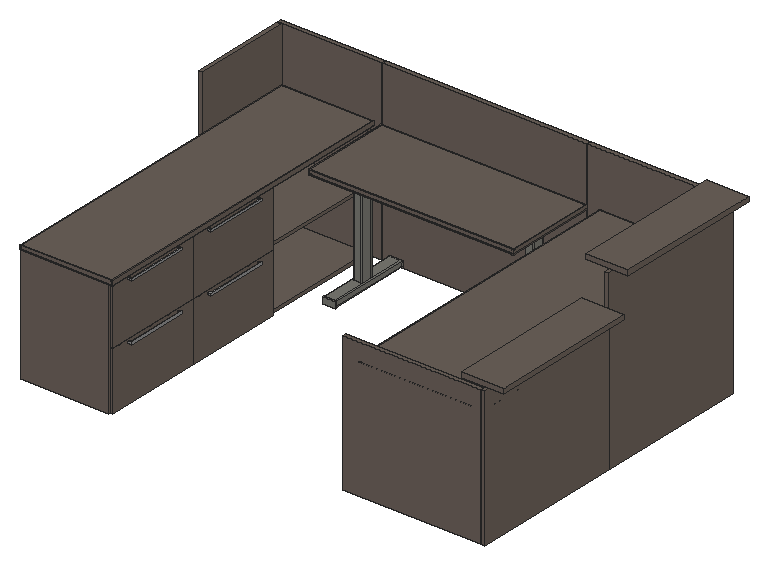
Revit family "OFS TYPICAL T200036", category Furniture, Revit 2022 (continued)
Definition of nested family "STAKS WORKSURFACE HEIGHT OPEN SHELF PEDESTAL - NO RISER SUPPORT"
  Types (6): name | Model | Drawer Handle Width | Description | Width | Depth
    STAKS WORKSURFACE HEIGHT OPEN SHELF PEDESTAL - NO RISER SUPPORT 30 x 19 | "6-NW3019MPD6" | 0' - 5 1/4" | "OFS STAKS WORKSURFACE HEIGHT OPEN SHELF PEDESTAL - NO RISER SUPPORT 30\"W x 19\" D, Sliding Door, One Adjustable Shelf, One Stationary Shelf, Use with 22\"D Worksurfaces" | 2' - 6" | 1' - 7 3/8"
    STAKS WORKSURFACE HEIGHT OPEN SHELF PEDESTAL - NO RISER SUPPORT 30 x 22 | "6-NW3022MPD6" | 0' - 5 1/4" | "OFS STAKS WORKSURFACE HEIGHT OPEN SHELF PEDESTAL - NO RISER SUPPORT 30\"W x 22\" D, Sliding Door, One Adjustable Shelf, One Stationary Shelf, Use with 22\"D Worksurfaces" | 2' - 6" | 1' - 9 7/8"
    STAKS WORKSURFACE HEIGHT OPEN SHELF PEDESTAL - NO RISER SUPPORT 36 x 22 | "6-NW3622MPD6" | 0' - 5 1/4" | "OFS STAKS WORKSURFACE HEIGHT OPEN SHELF PEDESTAL - NO RISER SUPPORT 36\"W x 22\" D, Sliding Door, One Adjustable Shelf, One Stationary Shelf, Use with 22\"D Worksurfaces" | 3' - 0" | 1' - 9 7/8"
    STAKS WORKSURFACE HEIGHT OPEN SHELF PEDESTAL - NO RISER SUPPORT 36 x 19 | "6-NW2419MPD6" | 0' - 5 1/4" | "OFS STAKS WORKSURFACE HEIGHT OPEN SHELF PEDESTAL - NO RISER SUPPORT 36\"W x 19\" D, Sliding Door, One Adjustable Shelf, One Stationary Shelf, Use with 22\"D Worksurfaces" | 3' - 0" | 1' - 7 3/8"
  Reference planes (in)
    plane 1: z = 0
    plane 2 "Right": x = 20.97711
    plane 3: z = 27.875
    plane 4: z = 15.375
    plane 5: z = 15.25
    plane 6: z = 0
    plane 7: z = 15
    plane 8: z = 27.625
    plane 9: z = 14.531
    plane 10: z = 27.15625
    plane 11: x = 8.97711
    plane 12: y = 1.37535
    plane 13: y = 0.62535
    plane 14: x = 9.03961
    plane 15: x = 32.91411
    plane 16: x = 9.72711
    plane 17: y = 20.00035
    plane 18: x = 32.97711
    plane 19: x = 32.22711
    plane 20: y = -0.18715
    plane 21: y = -0.37465
    plane 22: z = 21.875
    plane 23: z = 21.75
    plane 24: z = 21.5
    plane 25: z = 21.031
    plane 26: z = 0.25
    plane 27: y = 19.25035
    plane 28: z = 0.75
    plane 29: y = 16.75035
    plane 30: y = 4.37535
    plane 31: y = 8.37535
    plane 32: y = 12.75035
    plane 33: y = 5.00035
    plane 34: y = 13.37535
    plane 35: z = 28
    plane 36: z = 22.25
    plane 37: x = 21.35211
    plane 38: x = 20.60211
    plane 39: x = 21.00836
    plane 40: x = 20.94586
    plane 41: x = 14.99274
    plane 42: x = 17.61749
    plane 43: x = 12.36799
    plane 44: x = 12.74299
    plane 45: x = 17.24249
    plane 46: x = 26.96124
    plane 47: x = 24.33649
    plane 48: x = 29.58599
    plane 49: x = 29.21099
    plane 50: x = 24.71149
  Forms (in)
    Extrusion 1, solid, material <- "Chasis Material"
      sketch origin (-3, -1.24965, 0) x (1, 0, 0) y (0, 0, 1)
        loop
          line (11.97711, 0) -> (12.72711, 0) -> (12.72711, 27.875) -> (11.97711, 27.875) -> (11.97711, 0)
      from -21.25 to -2.625
    Extrusion 2, solid, material <- "Chasis Material"
      sketch origin (19.35211, 31.02324, 0) x (0, 1, 0) y (0, 0, 1)
        loop
          line (-11.77289, 0) -> (-11.02289, 0) -> (-11.02289, 27.875) -> (-11.77289, 27.875) -> (-11.77289, 0)
      from -9.625 to 12.875
    Extrusion 3, solid, material <- "Chasis Material"
      sketch origin (0, 0, 0) x (1, 0, 0) y (0, 1, 0)
        loop
          line (32.97711, 20.00035) -> (32.22711, 20.00035) -> (32.22711, 1.37535) -> (32.97711, 1.37535) -> (32.97711, 20.00035)
      from 0 to 27.875
    Extrusion 4, solid, material <- "Chasis Material"
      sketch origin (-29.79592, -1.62465, 7.24693) x (1, 0, 0) y (0, 0, 1)
        loop
          line (39.52304, 19.90932) -> (62.02304, 19.90932) -> (62.02304, 20.62807) -> (39.52304, 20.62807) -> (39.52304, 19.90932)
      from -20.875 to -3
    Extrusion 5, solid, material <- "Chasis Material"
      sketch origin (-31.5409, -1.62465, -42.72261) x (1, 0, 0) y (0, 0, 1)
        loop
          line (41.26801, 42.72261) -> (63.76801, 42.72261) -> (63.76801, 43.47261) -> (41.26801, 43.47261) -> (41.26801, 42.72261)
      from -20.875 to -3
    Extrusion 6, solid
      sketch origin (0, 0, 0) x (1, 0, 0) y (0, 1, 0)
        loop
          line (9.03961, 20.00035) -> (9.03961, 1.62535) -> (32.91411, 1.62535) -> (32.91411, 20.00035) -> (9.03961, 20.00035)
        loop
          line (32.22711, 2.37535) -> (32.22711, 10.12535) -> (9.72711, 10.12535) -> (9.72711, 2.37535) -> (32.22711, 2.37535)
        loop
          line (32.22711, 10.75035) -> (32.22711, 19.25035) -> (9.72711, 19.25035) -> (9.72711, 10.75035) -> (32.22711, 10.75035)
      from 27.875 to 28
    Extrusion 7, solid, material <- "Chasis Material"
      sketch origin (41.95422, 1.87535, 0) x (-1, 0, 0) y (0, 0, -1)
        loop
          line (9.72711, -15.25) -> (32.22711, -15.25) -> (32.22711, -14.531) -> (9.72711, -14.531) -> (9.72711, -15.25)
      from -17.375 to 0.5
  Dimensions and locks (in)
    "Board Thickness": plane 13 to plane 12
    locked: plane 11 to plane 14 at 0.0625
    "Board Thickness": plane 11 to plane 16
    locked: plane 15 to plane 18 at 0.063
    "Width": plane 11 to plane 18
    Extrusion 3 sketch curve to plane 18 = 0' - 0 3/4"
    "Board Thickness": plane 19 to plane 18
    equal spacing: plane 11, plane 2 "Right", plane 18
    plane 21 to plane 20 to plane 13 = 0' - 0 3/16" locked, 0' - 0 13/16" locked
    "Riser Support": plane 6 to level
    "Height": plane 3 to plane 6
    "DH1": plane 4 to plane 6
    "DH2": plane 22 to plane 4
    locked: plane 26 to plane 6 at 0.25
    "Board Thickness": plane 27 to plane 17
    "Depth": plane 13 to plane 17
    plane 4 to plane 5 to plane 7 to plane 9 = 0' - 0 1/8" locked, 0' - 0 1/4" locked, 0' - 0.469" locked
    plane 22 to plane 23 to plane 24 to plane 25 = 0' - 0 1/8" locked, 0' - 0 1/4" locked, 0' - 0.469" locked
    plane 3 to plane 8 to plane 10 = 0' - 0 1/4" locked, 0' - 0 15/32" locked
    "Board Thickness": plane 28 to plane 6
    plane 12 to plane 30 to plane 31 = 0' - 3" locked, 0' - 4" locked
    plane 32 to plane 29 to plane 27 = 0' - 4" locked, 0' - 2 1/2" locked
    locked: plane 30 to plane 33 at 0.625
    locked: plane 32 to plane 34 at 0.625
    locked: plane 35 to plane 3 at 0.125
    "Board Thickness": plane 36 to plane 24
    equal spacing: plane 38, plane 2 "Right", plane 37
    "Board Thickness": plane 38 to plane 37
    equal spacing: plane 40, plane 2 "Right", plane 39
    equal spacing: plane 14, plane 41, plane 40
    equal spacing: plane 43, plane 41, plane 42
    "Drawer Handle Width": plane 43 to plane 42
    locked: plane 43 to plane 44 at 0.375
    locked: plane 45 to plane 42 at 0.375
    equal spacing: plane 15, plane 46, plane 39
    equal spacing: plane 48, plane 46, plane 47
    "Drawer Handle Width": plane 48 to plane 47
    locked: plane 48 to plane 49 at 0.375
    locked: plane 50 to plane 47 at 0.375
    aligned and locked: level to plane 1
    aligned and locked: plane 12 to Extrusion 1
    aligned and locked: Extrusion 1 to plane 17
    aligned and locked: Extrusion 2 to plane 16
    aligned and locked: plane 16 to Extrusion 1
    aligned and locked: Extrusion 1 to plane 11
    aligned and locked: Extrusion 2 to plane 17
    aligned and locked: plane 19 to Extrusion 2
    aligned and locked: plane 3 to Extrusion 1
    aligned and locked: plane 3 to Extrusion 2
    aligned and locked: Extrusion 3 to plane 19
    aligned and locked: plane 3 to Extrusion 3
    aligned and locked: Extrusion 3 to plane 6
    aligned and locked: plane 3 to Extrusion 4
    aligned and locked: Extrusion 4 to plane 10
    aligned and locked: plane 19 to Extrusion 4
    aligned and locked: Extrusion 4 to plane 16
    aligned and locked: plane 28 to Extrusion 5
    aligned and locked: Extrusion 5 to plane 6
    aligned and locked: Extrusion 5 to plane 27
    aligned and locked: plane 12 to Extrusion 5
    aligned and locked: plane 19 to Extrusion 5
    aligned and locked: Extrusion 5 to plane 16
    aligned and locked: Extrusion 6 to plane 3
    aligned and locked: plane 35 to Extrusion 6
    aligned and locked: Extrusion 4 to plane 27
    aligned and locked: plane 12 to Extrusion 4
    aligned and locked: Extrusion 7 to plane 9
    aligned and locked: plane 5 to Extrusion 7
    aligned and locked: plane 19 to Extrusion 7
    aligned and locked: Extrusion 7 to plane 27
    aligned and locked: plane 12 to Extrusion 7
    aligned and locked: Extrusion 6 sketch curve to plane 17
    aligned and locked: Extrusion 6 sketch curve to plane 27
    aligned and locked: plane 16 to Extrusion 6 sketch curve
    aligned and locked: plane 19 to Extrusion 6 sketch curve
    aligned and locked: Extrusion 2 to plane 6
    aligned and locked: Extrusion 1 to plane 6
    aligned and locked: Extrusion 7 to plane 16
  Automatic sketch dimensions
    level to Extrusion 1 sketch curve = 0' - 0"
    Extrusion 1 sketch curve to plane 11 = 0' - 0"
    Extrusion 1 sketch curve to plane 3 = 0' - 0"
    Extrusion 1 sketch curve to plane 16 = 0' - 0"
    level to Extrusion 2 sketch curve = 0' - 0"
    Extrusion 2 sketch curve to plane 3 = 0' - 0"
    Extrusion 2 sketch curve to plane 17 = 0' - 0"
    plane 27 to Extrusion 2 sketch curve = 0' - 0"
    plane 12 to Extrusion 3 sketch curve = 0' - 0"
    Extrusion 3 sketch curve to plane 18 = 0' - 0"
    plane 17 to Extrusion 3 sketch curve = 0' - 0"
    Extrusion 4 sketch curve to plane 10 = 0' - 0"
    Extrusion 4 sketch curve to plane 16 = 0' - 0"
    Extrusion 4 sketch curve to plane 3 = 0' - 0"
    Extrusion 4 sketch curve to plane 19 = 0' - 0"
    level to Extrusion 5 sketch curve = 0' - 0"
    Extrusion 5 sketch curve to plane 16 = 0' - 0"
    Extrusion 5 sketch curve to plane 19 = 0' - 0"
    Extrusion 5 sketch curve to plane 28 = 0' - 0"
    Extrusion 7 sketch curve to plane 9 = 0' - 0"
    Extrusion 7 sketch curve to plane 19 = 0' - 0"
    Extrusion 7 sketch curve to plane 37 = 0' - 11 5/8"
    Extrusion 7 sketch curve to plane 5 = 0' - 0"
    Extrusion 6 sketch curve to plane 14 = 0' - 0"
    Extrusion 6 sketch curve to plane 16 = 0' - 0"
    Extrusion 6 sketch curve to plane 19 = 0' - 0"
    Extrusion 6 sketch curve to plane 15 = 0' - 0"
    plane 32 to Extrusion 6 sketch curve = 0' - 2 5/8"
    plane 34 to Extrusion 6 sketch curve = 0' - 2 5/8"
    Extrusion 6 sketch curve to plane 13 = 0' - 1"
    Extrusion 6 sketch curve to plane 12 = 0' - 1"
Definition of nested family "STAKS SPINE OR DIVIDER WALL 33in"
  Parameters (values of type "STAKS SPINE OR DIVIDER WALL 33in X 24in")
    URL = "http://www.ofs.com/"
    Height Above Floor [instance] = 2' - 9"
    Height = 2' - 9"
    Depth = 0' - 1"
    Model = "6-PAN-33/24"
    Manufacturer = "OFS"
    Description = "OFS STAKS SPINE OR DIVIDER WALL 33\" Height x 24\" Width, Levelers allow 2.5\" Height Adjustability for Uneven\r\nFloor"
    Width = 2' - 0"
    Default Elevation = 0' - 0"
    Copyright © = "© 2018 OFS"
    Catalog = "https://ofs.com/products/casegoods/private-office/staks"
    Authoring Version = "Autodesk Revit Architecture 2013"
    Assembly Code = "E2020200"
  Types (19): name | Model | Description | Width
    STAKS SPINE OR DIVIDER WALL 33in X 24in | "6-PAN-33/24" | "OFS STAKS SPINE OR DIVIDER WALL 33\" Height x 24\" Width, Levelers allow 2.5\" Height Adjustability for Uneven\r\nFloor" | 2' - 0"
    STAKS SPINE OR DIVIDER WALL 33in X 33in | "6-PAN-33/33" | "OFS STAKS SPINE OR DIVIDER WALL 33\" Height x 33\" Width, Levelers allow 2.5\" Height Adjustability for Uneven\r\nFloor" | 2' - 9"
    STAKS SPINE OR DIVIDER WALL 33in X 26in | "6-PAN-33/26" | "OFS STAKS SPINE OR DIVIDER WALL 33\" Height x 26\" Width, Levelers allow 2.5\" Height Adjustability for Uneven\r\nFloor" | 2' - 2"
    STAKS SPINE OR DIVIDER WALL 33in X 30in | "6-PAN-33/30" | "OFS STAKS SPINE OR DIVIDER WALL 33\" Height x 30\" Width, Levelers allow 2.5\" Height Adjustability for Uneven\r\nFloor" | 2' - 6"
    STAKS SPINE OR DIVIDER WALL 33in X 36in | "6-PAN-33/36" | "OFS STAKS SPINE OR DIVIDER WALL 33\" Height x 36\" Width, Levelers allow 2.5\" Height Adjustability for Uneven\r\nFloor" | 3' - 0"
    STAKS SPINE OR DIVIDER WALL 33in X 37in | "6-PAN-33/37" | "OFS STAKS SPINE OR DIVIDER WALL 33\" Height x 37\" Width, Levelers allow 2.5\" Height Adjustability for Uneven\r\nFloor" | 3' - 1"
    STAKS SPINE OR DIVIDER WALL 33in X 39in | "6-PAN-33/39" | "OFS STAKS SPINE OR DIVIDER WALL 33\" Height x 39\" Width, Levelers allow 2.5\" Height Adjustability for Uneven\r\nFloor" | 3' - 3"
    STAKS SPINE OR DIVIDER WALL 33in X 40in | "6-PAN-33/40" | "OFS STAKS SPINE OR DIVIDER WALL 33\" Height x 40\" Width, Levelers allow 2.5\" Height Adjustability for Uneven\r\nFloor" | 3' - 4"
    STAKS SPINE OR DIVIDER WALL 33in X 42in | "6-PAN-33/42" | "OFS STAKS SPINE OR DIVIDER WALL 33\" Height x 42\" Width, Levelers allow 2.5\" Height Adjustability for Uneven\r\nFloor" | 3' - 6"
    STAKS SPINE OR DIVIDER WALL 33in X 44in | "6-PAN-33/44" | "OFS STAKS SPINE OR DIVIDER WALL 33\" Height x 44\" Width, Levelers allow 2.5\" Height Adjustability for Uneven\r\nFloor" | 3' - 8"
    STAKS SPINE OR DIVIDER WALL 33in X 45in | "6-PAN-33/45" | "OFS STAKS SPINE OR DIVIDER WALL 33\" Height x 45\" Width, Levelers allow 2.5\" Height Adjustability for Uneven\r\nFloor" | 3' - 9"
    STAKS SPINE OR DIVIDER WALL 33in X 47in | "6-PAN-33/47" | "OFS STAKS SPINE OR DIVIDER WALL 33\" Height x 47\" Width, Levelers allow 2.5\" Height Adjustability for Uneven\r\nFloor" | 3' - 11"
    STAKS SPINE OR DIVIDER WALL 33in X 48in | "6-PAN-33/48" | "OFS STAKS SPINE OR DIVIDER WALL 33\" Height x 48\" Width, Levelers allow 2.5\" Height Adjustability for Uneven\r\nFloor" | 4' - 0"
    STAKS SPINE OR DIVIDER WALL 33in X 49in | "6-PAN-33/49" | "OFS STAKS SPINE OR DIVIDER WALL 33\" Height x 49\" Width, Levelers allow 2.5\" Height Adjustability for Uneven\r\nFloor" | 4' - 1"
    STAKS SPINE OR DIVIDER WALL 33in X 52in | "6-PAN-33/52" | "OFS STAKS SPINE OR DIVIDER WALL 33\" Height x 52\" Width, Levelers allow 2.5\" Height Adjustability for Uneven\r\nFloor" | 4' - 4"
    STAKS SPINE OR DIVIDER WALL 33in X 54in | "6-PAN-33/54" | "OFS STAKS SPINE OR DIVIDER WALL 33\" Height x 54\" Width, Levelers allow 2.5\" Height Adjustability for Uneven\r\nFloor" | 4' - 6"
    STAKS SPINE OR DIVIDER WALL 33in X 56in | "6-PAN-33/56" | "OFS STAKS SPINE OR DIVIDER WALL 33\" Height x 56\" Width, Levelers allow 2.5\" Height Adjustability for Uneven\r\nFloor" | 4' - 8"
    STAKS SPINE OR DIVIDER WALL 33in X 58in | "6-PAN-33/58" | "OFS STAKS SPINE OR DIVIDER WALL 33\" Height x 58\" Width, Levelers allow 2.5\" Height Adjustability for Uneven\r\nFloor" | 4' - 10"
    STAKS SPINE OR DIVIDER WALL 33in X 59in | "6-PAN-33/59" | "OFS STAKS SPINE OR DIVIDER WALL 33\" Height x 59\" Width, Levelers allow 2.5\" Height Adjustability for Uneven\r\nFloor" | 4' - 11"
  Reference planes (in)
    plane 1: z = -0.125
    plane 2 "LEFT": x = 7.55498
    plane 3 "RIGHT": x = 31.55498
    plane 4 "BACK": y = -1.83365
    plane 5 "FRONT": y = -2.83365
    plane 6: x = 7.67998
    plane 7: x = 31.42998
    plane 8: y = -1.95865
    plane 9: y = -2.70865
    plane 10: z = -0.125
    plane 11 "SURFACE TOP": z = 32.875
  Forms (in)
    Extrusion 1, solid
      sketch origin (0, 0, 17.125) x (-1, 0, 0) y (0, -1, 0)
        loop
          line (-7.55498, 1.83365) -> (-7.55498, 2.83365) -> (-31.55498, 2.83365) -> (-31.55498, 1.83365) -> (-7.55498, 1.83365)
      from 15.75 to -17.25
  Lines and regions (in)
    symbolic lines
      curve 1: line (7.55498, -1.83365, 32.875) -> (31.55498, -1.83365, 32.875)
      curve 2: line (7.55498, -2.83365, 32.875) -> (7.55498, -1.83365, 32.875)
      curve 3: line (31.55498, -2.83365, 32.875) -> (7.55498, -2.83365, 32.875)
      curve 4: line (31.55498, -1.83365, 32.875) -> (31.55498, -2.83365, 32.875)
  Dimensions and locks (in)
    "Depth": plane 4 "BACK" to plane 5 "FRONT"
    "Width": plane 2 "LEFT" to plane 3 "RIGHT"
    "Height": plane 11 "SURFACE TOP" to plane 10
    locked: plane 4 "BACK" to plane 8 at 0.125
    locked: plane 2 "LEFT" to plane 6 at 0.125
    locked: plane 7 to plane 3 "RIGHT" at 0.125
    locked: plane 9 to plane 5 "FRONT" at 0.125
    "Height Above Floor": plane 11 "SURFACE TOP" to level
    aligned: level to plane 1
    aligned and locked: plane 11 "SURFACE TOP" to Extrusion 1
    aligned and locked: Extrusion 1 to plane 10
    aligned and locked: plane 4 "BACK" to Extrusion 1 sketch curve
    aligned and locked: Extrusion 1 sketch curve to plane 2 "LEFT"
    aligned and locked: Extrusion 1 sketch curve to plane 5 "FRONT"
    aligned and locked: plane 3 "RIGHT" to Extrusion 1 sketch curve
    aligned and locked: curve 1 to Extrusion 1
    aligned and locked: curve 2 to Extrusion 1
    aligned and locked: curve 3 to Extrusion 1
    aligned and locked: curve 4 to Extrusion 1
Definition of nested family "STAKS SPINE OR DIVIDER WALL 42in"
  Parameters (values of type "STAKS SPINE OR DIVIDER WALL 42in X 24in")
    URL = "http://www.ofs.com/"
    Height Above Floor [instance] = 3' - 6"
    Height = 3' - 6"
    Depth = 0' - 1"
    Model = "6-PAN-42/24"
    Manufacturer = "OFS"
    Description = "OFS STAKS SPINE OR DIVIDER WALL 42\" Height x 24\" Width, Levelers allow 2.5\" Height Adjustability for Uneven Floor"
    Width = 2' - 0"
    Default Elevation = 0' - 0"
    Copyright © = "© 2018 OFS"
    Catalog = "https://ofs.com/products/casegoods/private-office/staks"
    Authoring Version = "Autodesk Revit Architecture 2013"
    Assembly Code = "E2020200"
  Types (19): name | Model | Description | Width
    STAKS SPINE OR DIVIDER WALL 42in X 24in | "6-PAN-42/24" | "OFS STAKS SPINE OR DIVIDER WALL 42\" Height x 24\" Width, Levelers allow 2.5\" Height Adjustability for Uneven Floor" | 2' - 0"
    STAKS SPINE OR DIVIDER WALL 42in X 33in | "6-PAN-42/33" | "OFS STAKS SPINE OR DIVIDER WALL 42\" Height x 33\" Width, Levelers allow 2.5\" Height Adjustability for Uneven Floor" | 2' - 9"
    STAKS SPINE OR DIVIDER WALL 42in X 26in | "6-PAN-42/26" | "OFS STAKS SPINE OR DIVIDER WALL 42\" Height x 26\" Width, Levelers allow 2.5\" Height Adjustability for Uneven Floor" | 2' - 2"
    STAKS SPINE OR DIVIDER WALL 42in X 30in | "6-PAN-42/30" | "OFS STAKS SPINE OR DIVIDER WALL 42\" Height x 30\" Width, Levelers allow 2.5\" Height Adjustability for Uneven Floor" | 2' - 6"
    STAKS SPINE OR DIVIDER WALL 42in X 36in | "6-PAN-42/36" | "OFS STAKS SPINE OR DIVIDER WALL 42\" Height x 36\" Width, Levelers allow 2.5\" Height Adjustability for Uneven Floor" | 3' - 0"
    STAKS SPINE OR DIVIDER WALL 42in X 37in | "6-PAN-42/37" | "OFS STAKS SPINE OR DIVIDER WALL 42\" Height x 37\" Width, Levelers allow 2.5\" Height Adjustability for Uneven Floor" | 3' - 1"
    STAKS SPINE OR DIVIDER WALL 42in X 39in | "6-PAN-42/39" | "OFS STAKS SPINE OR DIVIDER WALL 42\" Height x 39\" Width, Levelers allow 2.5\" Height Adjustability for Uneven Floor" | 3' - 3"
    STAKS SPINE OR DIVIDER WALL 42in X 40in | "6-PAN-42/40" | "OFS STAKS SPINE OR DIVIDER WALL 42\" Height x 40\" Width, Levelers allow 2.5\" Height Adjustability for Uneven Floor" | 3' - 4"
    STAKS SPINE OR DIVIDER WALL 42in X 42in | "6-PAN-42/42" | "OFS STAKS SPINE OR DIVIDER WALL 42\" Height x 42\" Width, Levelers allow 2.5\" Height Adjustability for Uneven Floor" | 3' - 6"
    STAKS SPINE OR DIVIDER WALL 42in X 44in | "6-PAN-42/44" | "OFS STAKS SPINE OR DIVIDER WALL 42\" Height x 44\" Width, Levelers allow 2.5\" Height Adjustability for Uneven Floor" | 3' - 8"
    STAKS SPINE OR DIVIDER WALL 42in X 45in | "6-PAN-42/45" | "OFS STAKS SPINE OR DIVIDER WALL 42\" Height x 45\" Width, Levelers allow 2.5\" Height Adjustability for Uneven Floor" | 3' - 9"
    STAKS SPINE OR DIVIDER WALL 42in X 47in | "6-PAN-42/47" | "OFS STAKS SPINE OR DIVIDER WALL 42\" Height x 47\" Width, Levelers allow 2.5\" Height Adjustability for Uneven Floor" | 3' - 11"
    STAKS SPINE OR DIVIDER WALL 42in X 48in | "6-PAN-42/48" | "OFS STAKS SPINE OR DIVIDER WALL 42\" Height x 48\" Width, Levelers allow 2.5\" Height Adjustability for Uneven Floor" | 4' - 0"
    STAKS SPINE OR DIVIDER WALL 42in X 49in | "6-PAN-42/49" | "OFS STAKS SPINE OR DIVIDER WALL 42\" Height x 49\" Width, Levelers allow 2.5\" Height Adjustability for Uneven Floor" | 4' - 1"
    STAKS SPINE OR DIVIDER WALL 42in X 52in | "6-PAN-42/52" | "OFS STAKS SPINE OR DIVIDER WALL 42\" Height x 52\" Width, Levelers allow 2.5\" Height Adjustability for Uneven Floor" | 4' - 4"
    STAKS SPINE OR DIVIDER WALL 42in X 54in | "6-PAN-42/54" | "OFS STAKS SPINE OR DIVIDER WALL 42\" Height x 54\" Width, Levelers allow 2.5\" Height Adjustability for Uneven Floor" | 4' - 6"
    STAKS SPINE OR DIVIDER WALL 42in X 56in | "6-PAN-42/56" | "OFS STAKS SPINE OR DIVIDER WALL 42\" Height x 56\" Width, Levelers allow 2.5\" Height Adjustability for Uneven Floor" | 4' - 8"
    STAKS SPINE OR DIVIDER WALL 42in X 58in | "6-PAN-42/58" | "OFS STAKS SPINE OR DIVIDER WALL 42\" Height x 58\" Width, Levelers allow 2.5\" Height Adjustability for Uneven Floor" | 4' - 10"
    STAKS SPINE OR DIVIDER WALL 42in X 59in | "6-PAN-42/59" | "OFS STAKS SPINE OR DIVIDER WALL 42\" Height x 59\" Width, Levelers allow 2.5\" Height Adjustability for Uneven Floor" | 4' - 11"
  Reference planes (in)
    plane 1: z = -0.125
    plane 2 "LEFT": x = 7.55498
    plane 3 "RIGHT": x = 31.55498
    plane 4 "BACK": y = -1.83365
    plane 5 "FRONT": y = -2.83365
    plane 6: x = 7.67998
    plane 7: x = 31.42998
    plane 8: y = -1.95865
    plane 9: y = -2.70865
    plane 10: z = -0.125
    plane 11 "SURFACE TOP": z = 41.875
  Forms (in)
    Extrusion 1, solid
      sketch origin (0, 0, 17.125) x (-1, 0, 0) y (0, -1, 0)
        loop
          line (-7.55498, 1.83365) -> (-7.55498, 2.83365) -> (-31.55498, 2.83365) -> (-31.55498, 1.83365) -> (-7.55498, 1.83365)
      from 24.75 to -17.25
  Lines and regions (in)
    symbolic lines
      curve 1: line (7.55498, -1.83365, 41.875) -> (31.55498, -1.83365, 41.875)
      curve 2: line (7.55498, -2.83365, 41.875) -> (7.55498, -1.83365, 41.875)
      curve 3: line (31.55498, -2.83365, 41.875) -> (7.55498, -2.83365, 41.875)
      curve 4: line (31.55498, -1.83365, 41.875) -> (31.55498, -2.83365, 41.875)
  Dimensions and locks (in)
    "Depth": plane 4 "BACK" to plane 5 "FRONT"
    "Width": plane 2 "LEFT" to plane 3 "RIGHT"
    "Height": plane 11 "SURFACE TOP" to plane 10
    locked: plane 4 "BACK" to plane 8 at 0.125
    locked: plane 2 "LEFT" to plane 6 at 0.125
    locked: plane 7 to plane 3 "RIGHT" at 0.125
    locked: plane 9 to plane 5 "FRONT" at 0.125
    "Height Above Floor": plane 11 "SURFACE TOP" to level
    aligned: level to plane 1
    aligned and locked: plane 11 "SURFACE TOP" to Extrusion 1
    aligned and locked: Extrusion 1 to plane 10
    aligned and locked: plane 4 "BACK" to Extrusion 1 sketch curve
    aligned and locked: Extrusion 1 sketch curve to plane 2 "LEFT"
    aligned and locked: Extrusion 1 sketch curve to plane 5 "FRONT"
    aligned and locked: plane 3 "RIGHT" to Extrusion 1 sketch curve
    aligned and locked: curve 1 to Extrusion 1
    aligned and locked: curve 2 to Extrusion 1
    aligned and locked: curve 3 to Extrusion 1
    aligned and locked: curve 4 to Extrusion 1
Definition of nested family "STAKS TRANSACTION SHELF"
  Parameters (values of type "STAKS TRANSACTION SHELF 30in")
    Width = 2' - 6"
    URL = "http://www.ofs.com/"
    Model = "6-TRS-30/10"
    Manufacturer = "OFS"
    Height From Floor = 4' - 0 5/8"
    Height = 0' - 1 1/8"
    Description = "OFS STAKS TRANSACTION SHELF 30\" Width, to Provide a Quick Transition to Reception Applications"
    Depth = 0' - 10"
    Default Elevation = 0' - 0"
    Copyright © = "© 2018 OFS"
    Catalog = "https://ofs.com/products/casegoods/private-office/staks"
    Shelf Material = none
    Authoring Version = "Autodesk Revit Architecture 2013"
    Assembly Code = "E2020200"
  Types (11): name | Width | Model | Description
    STAKS TRANSACTION SHELF 30in | 2' - 6" | "6-TRS-30/10" | "OFS STAKS TRANSACTION SHELF 30\" Width, to Provide a Quick Transition to Reception Applications"
    STAKS TRANSACTION SHELF 36in | 3' - 0" | "6-TRS-36/10" | "OFS STAKS TRANSACTION SHELF 36\" Width, to Provide a Quick Transition to Reception Applications"
    STAKS TRANSACTION SHELF 42in | 3' - 6" | "6-TRS-42/10" | "OFS STAKS TRANSACTION SHELF 42\" Width, to Provide a Quick Transition to Reception Applications"
    STAKS TRANSACTION SHELF 46in | 3' - 10" | "6-TRS-46/10" | "OFS STAKS TRANSACTION SHELF 46\" Width, to Provide a Quick Transition to Reception Applications"
    STAKS TRANSACTION SHELF 48in | 4' - 0" | "6-TRS-48/10" | "OFS STAKS TRANSACTION SHELF 48\" Width, to Provide a Quick Transition to Reception Applications"
    STAKS TRANSACTION SHELF 54in | 4' - 6" | "6-TRS-54/10" | "OFS STAKS TRANSACTION SHELF 54\" Width, to Provide a Quick Transition to Reception Applications"
    STAKS TRANSACTION SHELF 60in | 5' - 0" | "6-TRS-60/10" | "OFS STAKS TRANSACTION SHELF 60\" Width, to Provide a Quick Transition to Reception Applications"
    STAKS TRANSACTION SHELF 66in | 5' - 6" | "6-TRS-66/10" | "OFS STAKS TRANSACTION SHELF 66\" Width, to Provide a Quick Transition to Reception Applications"
    STAKS TRANSACTION SHELF 72in | 6' - 0" | "6-TRS-72/10" | "OFS STAKS TRANSACTION SHELF 72\" Width, to Provide a Quick Transition to Reception Applications"
    STAKS TRANSACTION SHELF 78in | 6' - 6" | "6-TRS-78/10" | "OFS STAKS TRANSACTION SHELF 78\" Width, to Provide a Quick Transition to Reception Applications"
    STAKS TRANSACTION SHELF 84in | 7' - 0" | "6-TRS-84/10" | "OFS STAKS TRANSACTION SHELF 84\" Width, to Provide a Quick Transition to Reception Applications"
  Reference planes (in)
    plane 1: z = 0
    plane 2 "Center (Front/Back)": y = -2.12465
    plane 3 "LEFT": x = -31.5
    plane 4 "BASE TOP": z = 48.625
    plane 5 "RIGHT": x = -1.5
    plane 6: z = 47.5
    plane 7: y = 2.87535
    plane 8 "CENTER": x = -16.5
    plane 9: y = -7.12465
  Forms (in)
    Extrusion 1, solid, material <- "Shelf Material"
      sketch origin (0, -2.12465, 0) x (1, 0, 0) y (0, 0, 1)
        loop
          line (-31.5, 48.625) -> (-31.5, 47.5) -> (-1.5, 47.5) -> (-1.5, 48.625) -> (-31.5, 48.625)
      from -5 to 5
  Dimensions and locks (in)
    "Height From Floor": plane 4 "BASE TOP" to plane 1
    "Height": plane 4 "BASE TOP" to plane 6
    equal spacing: plane 3 "LEFT", plane 8 "CENTER", plane 5 "RIGHT"
    equal spacing: plane 9, plane 2 "Center (Front/Back)", plane 7
    "Width": plane 3 "LEFT" to plane 5 "RIGHT"
    "Depth": plane 9 to plane 7
    aligned and locked: level to plane 1
    aligned and locked: Extrusion 1 sketch curve to plane 4 "BASE TOP"
    aligned and locked: plane 3 "LEFT" to Extrusion 1 sketch curve
    aligned and locked: Extrusion 1 sketch curve to plane 6
    aligned and locked: Extrusion 1 sketch curve to plane 5 "RIGHT"
    aligned and locked: Extrusion 1 to plane 7
    aligned and locked: plane 9 to Extrusion 1
Definition of nested family "STAKS BENCHING CANTILEVER WORKSURFACE BRACKET - MINI CONCEALED"
  Parameters (values of type "STAKS CANTILEVER WORKSURFACE BRACKET - MINI CONCEALED")
    Width = 0' - 1 1/2"
    URL = "http://www.ofs.com/"
    Model = "WSBKTC"
    Manufacturer = "OFS"
    Height From Floor = 2' - 3 7/8"
    Height = 0' - 3 1/2"
    Description = "OFS STAKS BENCHING CANTILEVER WORKSURFACE BRACKET - Low Profile Concealed Cantilever Bracket"
    Depth = 0' - 3 1/2"
    Default Elevation = 0' - 0"
    Copyright © = "© 2018 OFS"
    Catalog = "https://ofs.com/products/open-plan/benching/staks"
    Bracket Material = none
    Authoring Version = "Autodesk Revit Architecture 2013"
    Assembly Code = "E2020200"
  Reference planes (in)
    plane 1: z = 0
    plane 2 "Center (Front/Back)": y = 1.12535
    plane 3 "LEFT": x = -17.25
    plane 4 "BASE TOP": z = 27.875
    plane 5 "RIGHT": x = -15.75
    plane 6: z = 24.375
    plane 7: y = 2.87535
    plane 8 "CENTER": x = -16.5
    plane 9: y = -0.62465
    plane 10: z = 26.875
    plane 11: y = 1.87535
    plane 12: z = 24.875
    plane 13: y = -0.12465
    plane 14: x = -16.375
    plane 15: x = -16.625
    plane 16: y = 0.50035
  Forms (in)
    Extrusion 1, solid, material <- "Bracket Material"
      sketch origin (-16.5, 0, 0) x (0, 1, 0) y (0, 0, 1)
        loop
          line (-0.62465, 27.875) -> (-0.62465, 27.82031) -> (1.8527, 27.82031) -> (2.82066, 26.85235) -> (2.82066, 24.375) -> (2.87535, 24.375) -> (2.87535, 26.875) -> (1.87535, 27.875) -> (-0.62465, 27.875)
      from -0.75 to 0.75
    Extrusion 2, void
      sketch origin (0, 1.12535, 0) x (1, 0, 0) y (0, 0, 1)
        loop
          circle (-16.99183, 26.15668) r 0.09375
        loop
          circle (-16.00817, 25.13628) r 0.09375
      from -1.75 to -1.1009
    Extrusion 3, void
      sketch origin (0, 0, 0) x (1, 0, 0) y (0, 1, 0)
        loop
          circle (-16.93617, 1.09413) r 0.09375
        loop
          circle (-16.06383, -0.12462) r 0.09375
      from 25.0365 to 29.23009
  Cuts and joins
    Extrusion 2, Extrusion 3 cuts Extrusion 1
  Dimensions and locks (in)
    "Height From Floor": plane 4 "BASE TOP" to plane 1
    "Height": plane 4 "BASE TOP" to plane 6
    equal spacing: plane 3 "LEFT", plane 8 "CENTER", plane 5 "RIGHT"
    equal spacing: plane 9, plane 2 "Center (Front/Back)", plane 7
    "Width": plane 3 "LEFT" to plane 5 "RIGHT"
    "Depth": plane 9 to plane 7
    locked: plane 4 "BASE TOP" to plane 10 at 1
    locked: plane 7 to plane 11 at 1
    locked: plane 13 to plane 9 at 0.5
    locked: plane 6 to plane 12 at 0.5
    plane 14 to plane 8 "CENTER" to plane 15 = 0' - 0 1/8" locked, 0' - 0 1/8" locked
    plane 16 to plane 13 = 0' - 0 5/8"
    aligned and locked: level to plane 1
    aligned and locked: plane 4 "BASE TOP" to Extrusion 1 sketch curve
    aligned and locked: plane 7 to Extrusion 1 sketch curve
    aligned and locked: plane 9 to Extrusion 1 sketch curve
    aligned and locked: plane 6 to Extrusion 1 sketch curve
    aligned and locked: Extrusion 1 to plane 3 "LEFT"
    aligned and locked: plane 5 "RIGHT" to Extrusion 1
    aligned and locked: Extrusion 2 to plane 7
  Automatic sketch dimensions
    plane 7 to Extrusion 1 sketch curve = 0' - 0 7/128"
    Extrusion 1 sketch curve to plane 11 = 0' - 0"
    plane 10 to Extrusion 1 sketch curve = 0' - 0"
    plane 11 to Extrusion 1 sketch curve = 0' - 0.02265"
    plane 10 to Extrusion 1 sketch curve = 0' - 0.02265"
    plane 4 "BASE TOP" to Extrusion 1 sketch curve = 0' - 0 7/128"
    Extrusion 3 sketch curve to Extrusion 3 sketch curve = 0' - 1 7/32"
    plane 3 "LEFT" to Extrusion 2 sketch curve = 0' - 0.25817"
    Extrusion 2 sketch curve to plane 5 "RIGHT" = 0' - 0.25817"
    Extrusion 2 sketch curve to plane 12 = 0' - 0.26128"
    Extrusion 2 sketch curve to Extrusion 2 sketch curve = 0' - 1.0204"
    plane 15 to Extrusion 3 sketch curve = 0' - 0.31117"
    plane 14 to Extrusion 3 sketch curve = 0' - 0.31117"
    Extrusion 3 sketch curve to plane 9 = 0' - 0.50003"
    radius of Extrusion 3 sketch curve = 0' - 0 3/32"  (x2)
    radius of Extrusion 2 sketch curve = 0' - 0 3/32"  (x2)
Definition of nested family "STAKS BENCHING CANTILEVER WORKSURFACE BRACKET - OPEN"
  Parameters (values of type "STAKS CANTILEVER WORKSURFACE BRACKET - OPEN 36in")
    Width = 0' - 1 1/2"
    URL = "http://www.ofs.com/"
    Model = "OWSBKT36"
    Manufacturer = "OFS"
    Height From Floor = 2' - 3 7/8"
    Height = 0' - 7"
    Description = "OFS STAKS BENCHING CANTILEVER WORKSURFACE BRACKET - Open Cantilever Worksurface Bracket for 36\"W Top"
    Depth = 2' - 4"
    Default Elevation = 0' - 0"
    Copyright © = "© 2018 OFS"
    Catalog = "https://ofs.com/products/open-plan/benching/staks"
    Bracket Material = none
    Authoring Version = "Autodesk Revit Architecture 2013"
    Assembly Code = "E2020200"
    Alpha = 0' - 1"
  Types (4): name | URL | Model | Manufacturer | Description | Depth | Copyright © | Catalog | Alpha
    CANTILEVER WORKSURFACE BRACKET - OPEN 14in | "http://www.ofsbrands.com/" | "OWSBKT14" | "FIRST OFFICE" | "OFS BRANDS FIRST OFFICE STAKS BENCHING CANTILEVER WORKSURFACE BRACKET - Open Cantilever Worksurface Bracket for 14\"W Top" | 0' - 11" | "© 2018 OFS BRANDS" | "http://www.firstoffice.com/products/crossover/staks_benching/" | 0' - 0 1/2"
    CANTILEVER WORKSURFACE BRACKET - OPEN 22in | "http://www.ofsbrands.com/" | "OWSBKT22" | "FIRST OFFICE" | "OFS BRANDS FIRST OFFICE STAKS BENCHING CANTILEVER WORKSURFACE BRACKET - Open Cantilever Worksurface Bracket for 22\"W Top" | 1' - 4" | "© 2018 OFS BRANDS" | "http://www.firstoffice.com/products/crossover/staks_benching/" | 0' - 0 5/8"
    CANTILEVER WORKSURFACE BRACKET - OPEN 30in | "http://www.ofsbrands.com/" | "OWSBKT30" | "FIRST OFFICE" | "OFS BRANDS FIRST OFFICE STAKS BENCHING CANTILEVER WORKSURFACE BRACKET - Open Cantilever Worksurface Bracket for 30\"W Top" | 1' - 10" | "© 2018 OFS BRANDS" | "http://www.firstoffice.com/products/crossover/staks_benching/" | 0' - 0 7/8"
    STAKS CANTILEVER WORKSURFACE BRACKET - OPEN 36in | "http://www.ofs.com/" | "OWSBKT36" | "OFS" | "OFS STAKS BENCHING CANTILEVER WORKSURFACE BRACKET - Open Cantilever Worksurface Bracket for 36\"W Top" | 2' - 4" | "© 2018 OFS" | "https://ofs.com/products/open-plan/benching/staks" | 0' - 1"
  Reference planes (in)
    plane 1: z = 0
    plane 2 "Center (Front/Back)": y = -11.12465
    plane 3 "LEFT": x = -17.25
    plane 4 "BASE TOP": z = 27.875
    plane 5 "RIGHT": x = -15.75
    plane 6: z = 20.875
    plane 7: y = 2.87535
    plane 8 "CENTER": x = -16.5
    plane 9: y = -25.12465
    plane 10: z = 25.875
    plane 11: y = 0.87535
    plane 12: z = 21.375
    plane 13: y = -24.62465
    plane 14: x = -16.375
    plane 15: x = -16.625
    plane 16: y = -23.62465
  Forms (in)
    Extrusion 1, solid, material <- "Bracket Material"
      sketch origin (-16.5, 0, 0) x (0, 1, 0) y (0, 0, 1)
        loop
          line (-25.12465, 27.875) -> (-25.12465, 27.82031) -> (0.8527, 27.82031) -> (2.82066, 25.85235) -> (2.82066, 20.875) -> (2.87535, 20.875) -> (2.87535, 25.875) -> (0.87535, 27.875) -> (-25.12465, 27.875)
      from -0.75 to 0.75
    Extrusion 2, solid
      sketch origin (-16.5, 0, 0) x (0, 1, 0) y (0, 0, 1)
        loop
          line (2.82066, 21.375) -> (2.82066, 21.66876) -> (-23.62465, 27.82031) -> (-24.62465, 27.82031) -> (2.82066, 21.375)
      from -0.125 to 0.125
    Extrusion 3, void
      sketch origin (0, -11.12465, 0) x (1, 0, 0) y (0, 0, 1)
        loop
          circle (-16.99183, 23.37543) r 0.09375
        loop
          circle (-16.99183, 25.56923) r 0.09375
        loop
          circle (-16.99183, 21.18077) r 0.09375
        loop
          line (-16.10192, 24.58008) -> (-16.10192, 24.41381)
          arc (-16.10192, 24.41381) -> (-16.00817, 24.32006) -> (-15.91442, 24.41381) r 0.09375
          line (-15.91442, 24.41381) -> (-15.91442, 24.58008)
          arc (-15.91442, 24.58008) -> (-16.00817, 24.67383) -> (-16.10192, 24.58008) r 0.09375
        loop
          arc (-16.10192, 22.16992) -> (-16.00817, 22.07617) -> (-15.91442, 22.16992) r 0.09375
          line (-15.91442, 22.16992) -> (-15.91442, 22.33619)
          arc (-15.91442, 22.33619) -> (-16.00817, 22.42994) -> (-16.10192, 22.33619) r 0.09375
          line (-16.10192, 22.33619) -> (-16.10192, 22.16992)
      from -14 to -3.47735
    Extrusion 4, void
      sketch origin (0, 0, 0) x (1, 0, 0) y (0, 1, 0)
        loop
          circle (-16.93617, 0.25038) r 0.09375
        loop
          circle (-16.06383, -1.74962) r 0.09375
        loop
          circle (-16.93617, -3.74962) r 0.09375
        loop
          circle (-16.06383, -5.74962) r 0.09375
        loop
          circle (-16.93617, -7.74962) r 0.09375
        loop
          circle (-16.06383, -9.74962) r 0.09375
        loop
          circle (-16.93617, -11.74962) r 0.09375
        loop
          circle (-16.06383, -13.74962) r 0.09375
        loop
          circle (-16.93617, -15.74962) r 0.09375
        loop
          circle (-16.06383, -17.74962) r 0.09375
        loop
          circle (-16.93617, -19.74962) r 0.09375
        loop
          circle (-16.06383, -21.74962) r 0.09375
        loop
          circle (-16.93617, -23.74962) r 0.09375
        loop
          circle (-16.06383, -25.74962) r 0.09375
        loop
          circle (-16.93617, -27.74962) r 0.09375
        loop
          circle (-16.06383, -29.74962) r 0.09375
      from 25.0365 to 29.23009
    Extrusion 5, void, not visible
      sketch origin (0, 0, 0) x (1, 0, 0) y (0, 1, 0)
        loop
          circle (-16.93617, 0.25038) r 0.09375
        loop
          circle (-16.06383, -1.74962) r 0.09375
        loop
          circle (-16.93617, -3.74962) r 0.09375
        loop
          circle (-16.06383, -5.74962) r 0.09375
        loop
          circle (-16.93617, -7.74962) r 0.09375
        loop
          circle (-16.06383, -9.74962) r 0.09375
        loop
          circle (-16.93617, -11.74962) r 0.09375
        loop
          circle (-16.06383, -13.74962) r 0.09375
        loop
          circle (-16.93617, -15.74962) r 0.09375
        loop
          circle (-16.06383, -17.74962) r 0.09375
        loop
          circle (-16.93617, -19.74962) r 0.09375
        loop
          circle (-16.06383, -21.74962) r 0.09375
        loop
          circle (-16.93617, -23.74962) r 0.09375
        loop
          circle (-16.06383, -25.74962) r 0.09375
        loop
          circle (-16.93617, -27.74962) r 0.09375
        loop
          circle (-16.06383, -29.74962) r 0.09375
      from 25.0365 to 29.23009
  Cuts and joins
    Extrusion 3, Extrusion 4 cuts Extrusion 1
  Dimensions and locks (in)
    "Height From Floor": plane 4 "BASE TOP" to plane 1
    "Height": plane 4 "BASE TOP" to plane 6
    equal spacing: plane 3 "LEFT", plane 8 "CENTER", plane 5 "RIGHT"
    equal spacing: plane 9, plane 2 "Center (Front/Back)", plane 7
    "Width": plane 3 "LEFT" to plane 5 "RIGHT"
    "Depth": plane 9 to plane 7
    locked: plane 4 "BASE TOP" to plane 10 at 2
    locked: plane 7 to plane 11 at 2
    locked: plane 13 to plane 9 at 0.5
    locked: plane 6 to plane 12 at 0.5
    plane 14 to plane 8 "CENTER" to plane 15 = 0' - 0 1/8" locked, 0' - 0 1/8" locked
    "Alpha": plane 16 to plane 13
    aligned and locked: level to plane 1
    aligned and locked: Extrusion 1 sketch curve to plane 4 "BASE TOP"
    aligned and locked: plane 7 to Extrusion 1 sketch curve
    aligned and locked: plane 9 to Extrusion 1 sketch curve
    aligned and locked: plane 6 to Extrusion 1 sketch curve
    aligned and locked: Extrusion 1 to plane 3 "LEFT"
    aligned and locked: plane 5 "RIGHT" to Extrusion 1
    aligned and locked: Extrusion 2 sketch curve to Extrusion 1
    aligned and locked: plane 15 to Extrusion 2
    aligned and locked: plane 14 to Extrusion 2
    aligned and locked: Extrusion 1 to Extrusion 2 sketch curve
    aligned and locked: Extrusion 3 to plane 7
  Automatic sketch dimensions
    plane 7 to Extrusion 1 sketch curve = 0' - 0 7/128"
    Extrusion 1 sketch curve to plane 11 = 0' - 0"
    plane 10 to Extrusion 1 sketch curve = 0' - 0"
    plane 11 to Extrusion 1 sketch curve = 0' - 0.02265"
    plane 10 to Extrusion 1 sketch curve = 0' - 0.02265"
    plane 4 "BASE TOP" to Extrusion 1 sketch curve = 0' - 0 7/128"
    Extrusion 2 sketch curve to plane 13 = 0' - 0"
    plane 12 to Extrusion 2 sketch curve = 0' - 0"
    Extrusion 2 sketch curve to plane 16 = 0' - 0"
    Extrusion 2 sketch curve to Extrusion 2 sketch curve = 0' - 0.29376"
    plane 14 to Extrusion 3 sketch curve = 0' - 0.27308"
    Extrusion 3 sketch curve to plane 5 "RIGHT" = 0' - 0.16442"  (x2)
    Extrusion 3 sketch curve to plane 12 = 0' - 0.79492"
    Extrusion 3 sketch curve to Extrusion 3 sketch curve = 0' - 0 3/16"
    plane 3 "LEFT" to Extrusion 3 sketch curve = 0' - 0.25817"  (x3)
    Extrusion 3 sketch curve to Extrusion 3 sketch curve = 0' - 0.16626"  (x2)
    plane 10 to Extrusion 3 sketch curve = 0' - 1.46119"
    plane 12 to Extrusion 3 sketch curve = 0' - 0.19423"
    Extrusion 3 sketch curve to Extrusion 3 sketch curve = 0' - 1.03838"
    plane 10 to Extrusion 3 sketch curve = 0' - 0.30577"
    Extrusion 4 sketch curve to Extrusion 4 sketch curve = 0' - 2"  (x15)
    Extrusion 4 sketch curve to Extrusion 4 sketch curve = 0' - 0"  (x7)
    Extrusion 4 sketch curve to Extrusion 4 sketch curve = 0' - 0.87233"  (x8)
    Extrusion 5 sketch curve to Extrusion 5 sketch curve = 0' - 2"  (x15)
    Extrusion 5 sketch curve to Extrusion 5 sketch curve = 0' - 0"  (x7)
    Extrusion 5 sketch curve to Extrusion 5 sketch curve = 0' - 0.87233"  (x8)
    radius of Extrusion 3 sketch curve = 0' - 0 3/32"  (x3)
    radius of Extrusion 4 sketch curve = 0' - 0 3/32"  (x16)
    radius of Extrusion 5 sketch curve = 0' - 0 3/32"  (x16)
Definition of nested family "temp:STAKS BENCHING PRESS FIT BRACKET"
  Parameters (values of type "STAKS BENCHING PRESS FIT BRACKET")
    Width = 0' - 7 1/8"
    URL = "http://www.ofs.com/"
    Model = "PFBKT-1"
    Manufacturer = "OFS"
    Height From Floor = 2' - 3 7/8"
    Height = 0' - 3"
    Gap = 0' - 1"
    Description = "OFS STAKS BENCHING PRESS FIT BRACKET, Supports Shared Organizers, Shared Shelves or Transaction Tops on Spine or Divider Wall Panels Without Defacing the Panel Faces"
    Depth = 0' - 2"
    Default Elevation = 0' - 0"
    Copyright © = "© 2018 OFS"
    Catalog = "https://ofs.com/products/open-plan/benching/staks"
    Bracket Material = none
    Authoring Version = "Autodesk Revit Architecture 2013"
    Assembly Code = "E2020200"
  Reference planes (in)
    plane 1: z = 0
    plane 2 "Center (Front/Back)": y = 1.87535
    plane 3 "LEFT": x = -20.0625
    plane 4 "BASE TOP": z = 27.875
    plane 5 "RIGHT": x = -12.9375
    plane 6: z = 24.875
    plane 7: y = 2.87535
    plane 8 "CENTER": x = -16.5
    plane 9: y = 0.87535
    plane 10: y = 1.25035
    plane 11: x = -16
    plane 12: x = -17
  Forms (in)
    Extrusion 1, solid, material <- "Bracket Material"
      sketch origin (0, 1.87535, 0) x (1, 0, 0) y (0, 0, 1)
        loop
          line (-17, 24.875) -> (-17, 27.375) -> (-16.82031, 27.375)
          arc (-16.82031, 27.375) -> (-16.59934, 27.46653) -> (-16.50781, 27.6875) r 0.3125
          line (-16.50781, 27.6875) -> (-16.50781, 27.875) -> (-20.0625, 27.875) -> (-20.0625, 27.375) -> (-17.75, 27.375)
          arc (-17.75, 27.375) -> (-17.39645, 27.22855) -> (-17.25, 26.875) r 0.5
          line (-17.25, 26.875) -> (-17.25, 24.875) -> (-17, 24.875)
        loop
          line (-12.9375, 27.875) -> (-16.49219, 27.875) -> (-16.49219, 27.6875)
          arc (-16.49219, 27.6875) -> (-16.40066, 27.46653) -> (-16.17969, 27.375) r 0.3125
          line (-16.17969, 27.375) -> (-16, 27.375) -> (-16, 24.875) -> (-15.75, 24.875) -> (-15.75, 26.875)
          arc (-15.75, 26.875) -> (-15.60355, 27.22855) -> (-15.25, 27.375) r 0.5
          line (-15.25, 27.375) -> (-12.9375, 27.375) -> (-12.9375, 27.875)
      from -1 to 1
    Extrusion 2, void
      sketch origin (0, 0, 0) x (1, 0, 0) y (0, 1, 0)
        loop
          line (-17, 0.87535) -> (-16, 0.87535) -> (-16, 1.37535) -> (-17, 1.37535) -> (-17, 0.87535)
        loop
          line (-17, 2.87535) -> (-17, 2.37535) -> (-16, 2.37535) -> (-16, 2.87535) -> (-17, 2.87535)
        loop
          circle (-19.48811, 1.37535) r 0.09375
        loop
          circle (-17.85526, 1.37535) r 0.09375
        loop
          circle (-13.51189, 1.37535) r 0.09375
        loop
          circle (-15.14474, 1.37535) r 0.09375
        loop
          circle (-19.48811, 2.37535) r 0.09375
        loop
          circle (-17.85526, 2.37535) r 0.09375
        loop
          circle (-13.51189, 2.37535) r 0.09375
        loop
          circle (-15.14474, 2.37535) r 0.09375
      from 24.875 to 27.875
    Extrusion 3, solid, material <- "Bracket Material"
      sketch origin (-16.5, 0, 0) x (0, 1, 0) y (0, 0, 1)
        loop
          circle (2.60972, 27.625) r 0.1875
        loop
          line (2.60972, 27.72544) -> (2.52274, 27.67522) -> (2.52274, 27.57478) -> (2.60972, 27.52456) -> (2.69671, 27.57478) -> (2.69671, 27.67522) -> (2.60972, 27.72544)
        loop
          circle (1.14097, 27.625) r 0.1875
        loop
          line (1.14097, 27.72544) -> (1.05399, 27.67522) -> (1.05399, 27.57478) -> (1.14097, 27.52456) -> (1.22796, 27.57478) -> (1.22796, 27.67522) -> (1.14097, 27.72544)
      from 3.5625 to 3.68034
    Extrusion 4, solid, material <- "Bracket Material"
      sketch origin (-16.5, 0, 0) x (0, 1, 0) y (0, 0, -1)
        loop
          circle (2.60972, -27.625) r 0.1875
        loop
          line (2.60972, -27.72544) -> (2.69671, -27.67522) -> (2.69671, -27.57478) -> (2.60972, -27.52456) -> (2.52274, -27.57478) -> (2.52274, -27.67522) -> (2.60972, -27.72544)
        loop
          circle (1.14097, -27.625) r 0.1875
        loop
          line (1.14097, -27.72544) -> (1.22796, -27.67522) -> (1.22796, -27.57478) -> (1.14097, -27.52456) -> (1.05399, -27.57478) -> (1.05399, -27.67522) -> (1.14097, -27.72544)
      from 3.5625 to 3.68034
    Extrusion 5, solid, material <- "Bracket Material"
      sketch origin (-16.5, 3.61007, 0) x (0, -1, 0) y (0, 0, -1)
        loop
          circle (2.4691, -27.625) r 0.09375
      from -0.5 to 0.5
    Extrusion 6, solid, material <- "Bracket Material"
      sketch origin (-16.5, 0.14063, 0) x (0, 1, 0) y (0, 0, 1)
        loop
          circle (2.4691, 27.625) r 0.09375
      from -0.5 to 0.5
    Extrusion 7, solid
      sketch origin (-16.5, 0, 0) x (0, 1, 0) y (0, 0, 1)
        loop
          line (2.37535, 26.875) -> (1.37535, 26.875) -> (1.37535, 25.375) -> (2.37535, 25.375) -> (2.37535, 26.875)
      from 0.40321 to 0.5
    Extrusion 8, solid
      sketch origin (-16.5, 0, 0) x (0, 1, 0) y (0, 0, -1)
        loop
          line (2.37535, -26.875) -> (2.37535, -25.375) -> (1.37535, -25.375) -> (1.37535, -26.875) -> (2.37535, -26.875)
      from 0.40321 to 0.5
  Cuts and joins
    Extrusion 2 cuts Extrusion 1
  Dimensions and locks (in)
    "Height From Floor": plane 4 "BASE TOP" to plane 1
    "Height": plane 4 "BASE TOP" to plane 6
    equal spacing: plane 3 "LEFT", plane 8 "CENTER", plane 5 "RIGHT"
    equal spacing: plane 9, plane 2 "Center (Front/Back)", plane 7
    "Width": plane 3 "LEFT" to plane 5 "RIGHT"
    "Depth": plane 9 to plane 7
    equal spacing: plane 11, plane 8 "CENTER", plane 12
    "Gap": plane 12 to plane 11
    aligned and locked: level to plane 1
    aligned and locked: plane 9 to Extrusion 1
    aligned and locked: Extrusion 1 to plane 7
    aligned and locked: Extrusion 2 to plane 4 "BASE TOP"
    aligned and locked: plane 6 to Extrusion 2
    aligned and locked: plane 11 to Extrusion 5
    aligned and locked: plane 12 to Extrusion 5
    aligned and locked: plane 11 to Extrusion 7
  Automatic sketch dimensions
    Extrusion 1 sketch curve to plane 3 "LEFT" = 0' - 0"
    Extrusion 1 sketch curve to plane 6 = 0' - 0"  (x2)
    plane 12 to Extrusion 1 sketch curve = 0' - 0"
    Extrusion 1 sketch curve to plane 4 "BASE TOP" = 0' - 0"  (x2)
    Extrusion 1 sketch curve to plane 11 = 0' - 0"
    Extrusion 1 sketch curve to plane 5 "RIGHT" = 0' - 0"
    plane 12 to Extrusion 1 sketch curve = 0' - 0 1/4"
    plane 4 "BASE TOP" to Extrusion 1 sketch curve = 0' - 1"
    plane 4 "BASE TOP" to Extrusion 1 sketch curve = 0' - 0 1/2"  (x3)
    Extrusion 1 sketch curve to plane 12 = 0' - 0 23/128"
    Extrusion 1 sketch curve to plane 8 "CENTER" = 0' - 0 1/128"
    plane 8 "CENTER" to Extrusion 1 sketch curve = 0' - 0 1/128"
    Extrusion 1 sketch curve to Extrusion 1 sketch curve = 0' - 0 23/128"
    plane 11 to Extrusion 1 sketch curve = 0' - 0 1/4"
    Extrusion 1 sketch curve to Extrusion 1 sketch curve = 0' - 0 1/2"
    Extrusion 1 sketch curve to Extrusion 1 sketch curve = 0' - 0 5/16"
    plane 9 to Extrusion 2 sketch curve = 0' - 0"
    Extrusion 2 sketch curve to plane 12 = 0' - 0"  (x2)
    plane 7 to Extrusion 2 sketch curve = 0' - 0"
    Extrusion 2 sketch curve to plane 11 = 0' - 0"  (x2)
    Extrusion 2 sketch curve to plane 10 = 0' - 0 1/8"  (x5)
    plane 3 "LEFT" to Extrusion 2 sketch curve = 0' - 0.57439"  (x2)
    Extrusion 2 sketch curve to Extrusion 2 sketch curve = 0' - 0.85526"  (x4)
    Extrusion 2 sketch curve to plane 5 "RIGHT" = 0' - 0.57439"  (x2)
    Extrusion 2 sketch curve to plane 2 "Center (Front/Back)" = 0' - 0 1/2"  (x5)
    Extrusion 3 sketch curve to plane 9 = 0' - 0.17864"
    plane 4 "BASE TOP" to Extrusion 3 sketch curve = 0' - 0.35044"  (x2)
    Extrusion 3 sketch curve to Extrusion 3 sketch curve = 0' - 0.08698"  (x6)
    plane 10 to Extrusion 3 sketch curve = 0' - 0.02239"
    plane 7 to Extrusion 3 sketch curve = 0' - 0.35261"
    Extrusion 3 sketch curve to Extrusion 3 sketch curve = 0' - 0"
    Extrusion 3 sketch curve to Extrusion 3 sketch curve = 0' - 0.05022"  (x7)
    Extrusion 3 sketch curve to Extrusion 3 sketch curve = 0' - 0.10044"  (x5)
    Extrusion 4 sketch curve to plane 9 = 0' - 0.17864"
    plane 4 "BASE TOP" to Extrusion 4 sketch curve = 0' - 0.14956"  (x2)
    Extrusion 4 sketch curve to Extrusion 4 sketch curve = 0' - 0.08698"  (x7)
    plane 10 to Extrusion 4 sketch curve = 0' - 0.02239"
    plane 7 to Extrusion 4 sketch curve = 0' - 0.35261"
    Extrusion 4 sketch curve to Extrusion 4 sketch curve = 0' - 0.05022"  (x8)
    Extrusion 4 sketch curve to Extrusion 4 sketch curve = 0' - 0.10044"  (x4)
    Extrusion 5 sketch curve to plane 10 = 0' - 0 7/64"
    Extrusion 5 sketch curve to plane 4 "BASE TOP" = 0' - 0 1/4"
    plane 7 to Extrusion 6 sketch curve = 0' - 0 17/64"
    plane 4 "BASE TOP" to Extrusion 6 sketch curve = 0' - 0 1/4"
    Extrusion 7 sketch curve to plane 10 = 0' - 0 1/8"
    Extrusion 7 sketch curve to plane 6 = 0' - 0 1/2"
    Extrusion 7 sketch curve to plane 2 "Center (Front/Back)" = 0' - 0 1/2"
    plane 4 "BASE TOP" to Extrusion 7 sketch curve = 0' - 1"
    Extrusion 8 sketch curve to plane 10 = 0' - 0 1/8"
    plane 4 "BASE TOP" to Extrusion 8 sketch curve = 0' - 1"
    Extrusion 8 sketch curve to plane 2 "Center (Front/Back)" = 0' - 0 1/2"
    Extrusion 8 sketch curve to plane 6 = 0' - 0 1/2"
    radius of Extrusion 2 sketch curve = 0' - 0 3/32"  (x8)
    radius of Extrusion 3 sketch curve = 0' - 0 3/16"  (x2)
    radius of Extrusion 4 sketch curve = 0' - 0 3/16"  (x2)
    radius of Extrusion 5 sketch curve = 0' - 0 3/32"
    radius of Extrusion 6 sketch curve = 0' - 0 3/32"
Definition of nested family "STAKS CENTER ELECTRIC ADJUSTABLE HEIGHT BASE Rectangular"
  Parameters (values of type "STAKS CENTER ELECTRIC ADJUSTABLE HEIGHT BASE 24in Rectangular")
    Width = 0' - 3"
    URL = "http://www.ofs.com/"
    Leg Caps Material = none
    Depth = 1' - 8"
    Model = "HA24CRE"
    Manufacturer = "OFS"
    Height [instance] = 2' - 3 7/8"
    Description = "OFS STAKS CENTER ELECTRIC ADJUSTABLE HEIGHT BASE 24in Rectangular, Use with 20\" - 24\"D Rectangular Top"
    Default Elevation = 0' - 0"
    Copyright © = "© 2018 OFS"
    Column and Legs Material = none
    Catalog = "https://ofs.com/products/casegoods/private-office/staks"
    Authoring Version = "Autodesk Revit Architecture 2013"
    Assembly Code = "E2020200"
  Types (2): name | Depth | Model | Description
    STAKS CENTER ELECTRIC ADJUSTABLE HEIGHT BASE 24in Rectangular | 1' - 8" | "HA24CRE" | "OFS STAKS CENTER ELECTRIC ADJUSTABLE HEIGHT BASE 24in Rectangular, Use with 20\" - 24\"D Rectangular Top"
    STAKS CENTER ELECTRIC ADJUSTABLE HEIGHT BASE 30in Rectangular | 2' - 2" | "HA30CRE" | "OFS STAKS CENTER ELECTRIC ADJUSTABLE HEIGHT BASE 30in Rectangular, Use with 24.125\" - 30\"D Rectangular Top"
  Reference planes (in)
    plane 1: z = 0
    plane 2 "Center (Front/Back)": y = -2.62465
    plane 3 "Center (Left/Right)": x = -18
    plane 4 "H LEG TOP": z = 27.875
    plane 5: x = -15
    plane 6: x = -13.5
    plane 7: y = -12.62465
    plane 8: y = 7.37535
    plane 9 "CENTER": x = -16.5
    plane 10: z = 1.955
    plane 11: z = 0.455
    plane 12: x = -17.5
    plane 13: x = -15.5
    plane 14: y = 6.12535
    plane 15: y = -11.37465
    plane 16: y = -1.12465
    plane 17: y = -4.12465
    plane 18: z = 25.34078
    plane 19: z = 25.875
    plane 20: z = 26.875
    plane 21: y = -4.49965
    plane 22: y = -0.74965
    plane 23: y = -5.99965
    plane 24: y = 0.75035
    plane 25: x = -17.63484
    plane 26: x = -19.13484
    plane 27: y = -12.49965
    plane 28: y = 7.25035
  Forms (in)
    Extrusion 1, solid
      sketch origin (8.306, -1.24965, 17.75) x (0, 0, 1) y (-1, 0, 0)
        loop
          line (-15.795, 26.306) -> (-17.295, 26.306) -> (-17.295, 23.306) -> (-15.795, 23.306) -> (-15.795, 26.306)
      from -8.625 to -8.5
    Revolve 2, solid, material <- "Leg Caps Material"
      sketch origin (-10.53974, 6.12535, 0) x (-1, 0, 0) y (0, 0, 1)
        loop
          line (5.96026, 0.455) -> (5.96026, 0) -> (6.64775, 0) -> (6.64775, 0.19198) -> (6.24151, 0.36125) -> (6.24151, 0.455) -> (5.96026, 0.455)
        axis (5.96026, 0) -> (5.96026, 0.455)
      angle from 0 to 360
    Revolve 3, solid, material <- "Leg Caps Material"
      sketch origin (-10.53974, -11.37465, 0) x (-1, 0, 0) y (0, 0, -1)
        loop
          line (5.96026, -0.455) -> (6.24151, -0.455) -> (6.24151, -0.36125) -> (6.64775, -0.19198) -> (6.64775, 0) -> (5.96026, 0) -> (5.96026, -0.455)
        axis (5.96026, 0) -> (5.96026, -0.455)
      angle from 0 to 360
    Extrusion 4, solid, material <- "Column and Legs Material"
      sketch origin (0, 0, 27.875) x (0, -1, 0) y (1, 0, 0)
        loop
          arc (1.12465, -17.25) -> (1.19787, -17.42678) -> (1.37465, -17.5) r 0.25
          line (1.37465, -17.5) -> (3.87465, -17.5)
          arc (3.87465, -17.5) -> (4.05143, -17.42678) -> (4.12465, -17.25) r 0.25
          line (4.12465, -17.25) -> (4.12465, -15.75)
          arc (4.12465, -15.75) -> (4.05143, -15.57322) -> (3.87465, -15.5) r 0.25
          line (3.87465, -15.5) -> (1.37465, -15.5)
          arc (1.37465, -15.5) -> (1.19787, -15.57322) -> (1.12465, -15.75) r 0.25
          line (1.12465, -15.75) -> (1.12465, -17.25)
      from -25.92 to -2.53422
    Extrusion 5, solid, material <- "Column and Legs Material"
      sketch origin (19.74279, 0.10259, 27.875) x (0, -1, 0) y (1, 0, 0)
        loop
          line (0.85224, -30.69457) -> (0.85224, -37.12762)
          arc (0.85224, -37.12762) -> (0.92547, -37.3044) -> (1.10224, -37.37762) r 0.25
          line (1.10224, -37.37762) -> (4.35224, -37.37762)
          arc (4.35224, -37.37762) -> (4.52902, -37.3044) -> (4.60224, -37.12762) r 0.25
          line (4.60224, -37.12762) -> (4.60224, -30.69457)
          arc (4.60224, -30.69457) -> (4.52902, -30.5178) -> (4.35224, -30.44457) r 0.25
          line (4.35224, -30.44457) -> (1.10224, -30.44457)
          arc (1.10224, -30.44457) -> (0.92547, -30.5178) -> (0.85224, -30.69457) r 0.25
      from -1 to 0
    Blend 6, solid, material <- "Column and Legs Material"
      base sketch origin (0, 0, 27.875) x (0, -1, 0) y (1, 0, 0)
        loop
          line (4.24965, -10.70179) -> (0.99965, -10.70179)
          arc (0.99965, -10.70179) -> (0.82287, -10.77501) -> (0.74965, -10.95179) r 0.25
          line (0.74965, -10.95179) -> (0.74965, -17.38484)
          arc (0.74965, -17.38484) -> (0.82287, -17.56161) -> (0.99965, -17.63484) r 0.25
          line (0.99965, -17.63484) -> (4.24965, -17.63484)
          arc (4.24965, -17.63484) -> (4.42643, -17.56161) -> (4.49965, -17.38484) r 0.25
          line (4.49965, -17.38484) -> (4.49965, -10.95179)
          arc (4.49965, -10.95179) -> (4.42643, -10.77501) -> (4.24965, -10.70179) r 0.25
